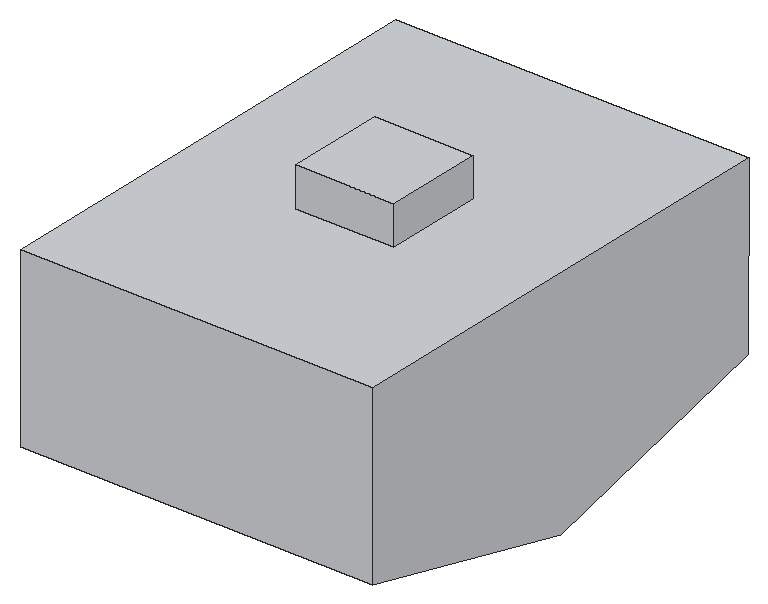
Revit family "f74eef5f7f9343079468c44dffdf92e5", category Air Terminals, Revit 2021
Family settings
  Round Connector Dimension = Use Diameter
  Part Type = Normal
  OmniClass Number = 23.40.40.14.21.11
  OmniClass Title = Food Service Hoods
  Seek Item ID = Grease Hood - Exhaust Only - Island - Tapered End-0000-USA-ENU
  Work Plane-Based = No
  Always vertical = Yes
  Cut with Voids When Loaded = No
  Shared = No
  Room Calculation Point = No
Parameters (values of type "Standard")
  Pressure Drop [instance] = 0.55 in-wg
  Hood Width [instance] = 4' - 0"
  Hood Material = none
  Hood Length [instance] = 3' - 0"
  Exhaust Air Flow [instance] = 50 FPM * Hood Length * Hood Width  # 600 CFM
  Duct Width [instance] = 10"
  Duct Height [instance] = 10"
  Default Elevation = 0' - 0"
Reference planes (in)
  plane 1 "Center (Front/Back)": y = 0
  plane 2: z = 0
  plane 3 "Center (Left/Right)": x = 0
  plane 4: x = -18
  plane 5: x = 18
  plane 6: y = 24
  plane 7: y = -24
  plane 8: z = 24
  plane 9: z = 6
  plane 10: z = 28
  plane 11: y = 5
  plane 12: y = -5
  plane 13: x = -5
  plane 14: x = 5
Forms (in)
  Extrusion 1, solid, material <- "Hood Material"
    sketch origin (0, 0, 0) x (0, 1, 0) y (0, 0, 1)
      loop
        line (24, 6) -> (24, 24) -> (-24, 24) -> (-24, 6) -> (0, 0) -> (24, 6)
    from -18 to 18
  Extrusion 2, solid, material <- "Hood Material"
    sketch origin (0, 0, 0) x (1, 0, 0) y (0, 1, 0)
      loop
        line (-5, 5) -> (-5, -5) -> (5, -5) -> (5, 5) -> (-5, 5)
    from 24 to 28
Dimensions and locks (in)
  equal spacing: plane 4, plane 3 "Center (Left/Right)", plane 5
  "Hood Length": plane 4 to plane 5
  equal spacing: plane 6, plane 1 "Center (Front/Back)", plane 7
  "Hood Width": plane 6 to plane 7
  locked: plane 8 to plane 2 at 24
  locked: plane 9 to plane 2 at 6
  locked: plane 10 to plane 8 at 4
  equal spacing: plane 11, plane 1 "Center (Front/Back)", plane 12
  "Duct Height": plane 11 to plane 12
  equal spacing: plane 13, plane 3 "Center (Left/Right)", plane 14
  "Duct Width": plane 13 to plane 14
  aligned and locked: Extrusion 1 sketch curve to plane 6
  aligned and locked: Extrusion 1 sketch curve to plane 8
  aligned and locked: plane 7 to Extrusion 1 sketch curve
  aligned and locked: plane 2 to Extrusion 1 sketch curve
  aligned and locked: plane 9 to Extrusion 1 sketch curve  (x2)
  aligned and locked: Extrusion 1 to plane 4
  aligned and locked: Extrusion 1 to plane 5
  aligned and locked: plane 13 to Extrusion 2 sketch curve
  aligned and locked: Extrusion 2 sketch curve to plane 11
  aligned and locked: plane 12 to Extrusion 2 sketch curve
  aligned and locked: Extrusion 2 sketch curve to plane 14
  aligned and locked: plane 10 to Extrusion 2
  aligned and locked: Extrusion 2 to plane 8
Automatic sketch dimensions
  Extrusion 1 sketch curve to plane 1 "Center (Front/Back)" = 0' - 0"
Connectors (in)
  hvac at (0, 0, 28), driven by "Pressure Drop", driven by "Exhaust Air Flow", driven by "Duct Height", driven by "Duct Width"
    settings: on Extrusion 2, index 1, duct flow 600 CFM, flow factor 0, pres drop 0.55 in-wg, loss coef 0, conn angle 0.00°, conn width 10", conn height 10", conn diameter 24", duct sys type 3, conn prof type 1, flow config 1, flow direction 2, loss method 4, conn ref index -1, conn util no, is conn primary yes, conn desc ""
